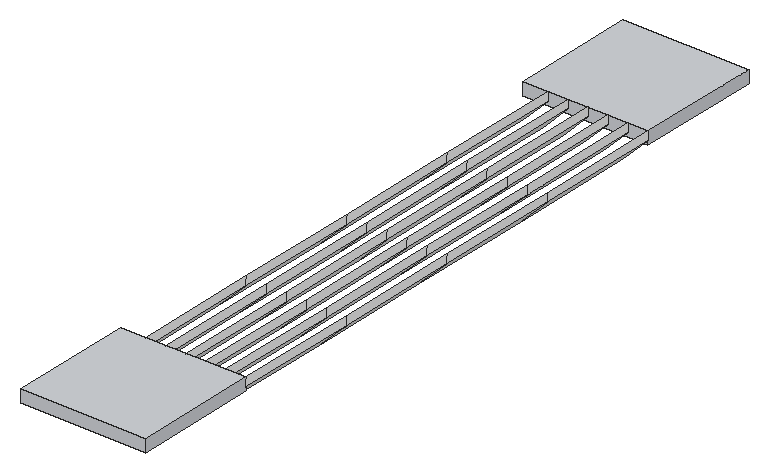
Revit family
Parameters
  폭 [instance] = 200 mm
  깊이 [instance] = 1200 mm
  Assembly Code = ""
Reference planes
  plane 1 "중심(앞/뒤)": y = 0
  plane 2: z = 0
  plane 3 "중심(왼쪽/오른쪽)": x = 0
  plane 4: z = -150
  plane 5: z = -80
  plane 6: z = -200
  plane 7: z = -300
Lines and regions (mm)
  Opening 1
    outline origin (2000, 1989.233, 0) x (0, 1, 0) y (-1, 0, 0)
      loop
        line (-2600, 2100) -> (-2600, 1900) -> (-1400, 1900) -> (-1400, 2100) -> (-2600, 2100)
Dimensions and locks
  level to plane 5 = 80 mm
  plane 5 to plane 6 = 120 mm
  aligned and locked: host floor to nested 1  (x2)
  aligned and locked: nested 1 to host floor
  aligned and locked: level to nested 1
Nested families
  nested 1: "코일top" at (0, -410.767, -20) x (0, 1, 0) z (0, 0, 1), type "코일top"
Definition of nested family "코일top"
  Reference planes
    plane 1 "중심(앞/뒤)": y = 0
    plane 2: z = 0
    plane 3 "중심(왼쪽/오른쪽)": x = 0
    plane 4: x = 200
    plane 5: x = 400
    plane 6: x = 600
    plane 7: x = 800
    plane 8: x = 1000
    plane 9: x = -200
    plane 10: y = 100
    plane 11: y = -100
  Forms (mm)
    Extrusion 1, solid
      sketch origin (0, 0, 0) x (1, 0, 0) y (0, 1, 0)
        loop
          line (-200, -100) -> (0, -100) -> (0, 100) -> (-200, 100) -> (-200, -100)
        loop
          line (800, -100) -> (1000, -100) -> (1000, 100) -> (800, 100) -> (800, -100)
      from 0 to 20
  Dimensions and locks
    equal spacing: plane 9, plane 3 "중심(왼쪽/오른쪽)", plane 4, plane 5, plane 6, plane 7, plane 8
    plane 11 to plane 10 = 200 mm
    equal spacing: group 1, group 3, group 4, group 5, group 6, group 2  (x3)
    equal spacing: group 9, group 11, group 12, group 13, group 14, group 10  (x3)
    equal spacing: group 16, group 18, group 19, group 20, group 21, group 17  (x3)
    equal spacing: group 23, group 25, group 26, group 27, group 28, group 24  (x3)
    equal spacing: group 30, group 32, group 33, group 34, group 35, group 31  (x3)
    aligned and locked: plane 9 to Extrusion 1 sketch curve
    aligned and locked: plane 11 to Extrusion 1 sketch curve
    aligned and locked: plane 10 to Extrusion 1 sketch curve
    aligned and locked: plane 3 "중심(왼쪽/오른쪽)" to Extrusion 1 sketch curve
    aligned and locked: plane 7 to Extrusion 1 sketch curve
    aligned and locked: plane 8 to Extrusion 1 sketch curve
    aligned and locked: Extrusion 1 to plane 10
  Automatic sketch dimensions
    Extrusion 1 sketch curve to plane 11 = 0 mm
    Extrusion 1 sketch curve to plane 10 = 0 mm
  Nested families
    nested 1: "Plain Louvre Blade" at (72.831, -79.537, 0), type "Louvre Blade"
    nested 2: "Plain Louvre Blade" at (72.831, 80.463, 0), type "Louvre Blade"
    nested 3: "Plain Louvre Blade" at (72.831, -47.537, 0), type "Louvre Blade"
    nested 4: "Plain Louvre Blade" at (72.831, -15.537, 0), type "Louvre Blade"
    nested 5: "Plain Louvre Blade" at (72.831, 16.463, 0), type "Louvre Blade"
    nested 6: "Plain Louvre Blade" at (72.831, 48.463, 0), type "Louvre Blade"
    nested 7: "Plain Louvre Blade" at (72.831, -79.537, 0), type "Louvre Blade", not visible
    nested 8: "Plain Louvre Blade" at (72.831, -79.537, 0), type "Louvre Blade", not visible
    nested 9: "Plain Louvre Blade" at (72.831, 80.463, 0), type "Louvre Blade", not visible
    nested 10: "Plain Louvre Blade" at (72.831, -47.537, 0), type "Louvre Blade", not visible
    nested 11: "Plain Louvre Blade" at (72.831, -15.537, 0), type "Louvre Blade", not visible
    nested 12: "Plain Louvre Blade" at (72.831, 16.463, 0), type "Louvre Blade", not visible
    nested 13: "Plain Louvre Blade" at (72.831, 48.463, 0), type "Louvre Blade", not visible
    nested 14: "Plain Louvre Blade" at (272.831, -79.537, 0), type "Louvre Blade"
    nested 15: "Plain Louvre Blade" at (272.831, 80.463, 0), type "Louvre Blade"
    nested 16: "Plain Louvre Blade" at (272.831, -47.537, 0), type "Louvre Blade"
    nested 17: "Plain Louvre Blade" at (272.831, -15.537, 0), type "Louvre Blade"
    nested 18: "Plain Louvre Blade" at (272.831, 16.463, 0), type "Louvre Blade"
    nested 19: "Plain Louvre Blade" at (272.831, 48.463, 0), type "Louvre Blade"
    nested 20: "Plain Louvre Blade" at (472.831, -79.537, 0), type "Louvre Blade"
    nested 21: "Plain Louvre Blade" at (472.831, 80.463, 0), type "Louvre Blade"
    nested 22: "Plain Louvre Blade" at (472.831, -47.537, 0), type "Louvre Blade"
    nested 23: "Plain Louvre Blade" at (472.831, -15.537, 0), type "Louvre Blade"
    nested 24: "Plain Louvre Blade" at (472.831, 16.463, 0), type "Louvre Blade"
    nested 25: "Plain Louvre Blade" at (472.831, 48.463, 0), type "Louvre Blade"
    nested 26: "Plain Louvre Blade" at (672.831, -79.537, 0), type "Louvre Blade"
    nested 27: "Plain Louvre Blade" at (672.831, 80.463, 0), type "Louvre Blade"
    nested 28: "Plain Louvre Blade" at (672.831, -47.537, 0), type "Louvre Blade"
    nested 29: "Plain Louvre Blade" at (672.831, -15.537, 0), type "Louvre Blade"
    nested 30: "Plain Louvre Blade" at (672.831, 16.463, 0), type "Louvre Blade"
    nested 31: "Plain Louvre Blade" at (672.831, 48.463, 0), type "Louvre Blade"
  Definition of nested family "Plain Louvre Blade"
    Parameters (values of type "Louvre Blade")
      두께 [instance] = 10 mm
      Material Blade = Window Louvres
      Length = 200 mm
      Blade Width = 40 mm
      Assembly Code = ""
    Reference planes
      plane 1 "Center (Front/Back)": y = -0.463
      plane 2: z = 0
      plane 3 "Center (Left/Right)": x = 27.169
      plane 4: x = -72.831
      plane 5: x = 127.169
      plane 6: y = -20.463
      plane 7: y = 19.537
      plane 8: z = 20
      plane 9: z = -20
    Forms (mm)
      Extrusion 1, solid, material "Window Louvres" <- "Material Blade"
        sketch origin (27.169, 0, 0) x (0, 1, 0) y (0, 0, 1)
          loop
            line (-20.463, 20) -> (-20.463, 5.858) -> (19.537, -34.142) -> (19.537, -20) -> (-20.463, 20)
        from -100 to 100
    Dimensions and locks
      equal spacing: plane 4, plane 3 "Center (Left/Right)", plane 5
      "Length": plane 4 to plane 5
      equal spacing: plane 6, plane 1 "Center (Front/Back)", plane 7
      "Blade Width": plane 6 to plane 7
      "Blade Width": plane 9 to plane 8
      equal spacing: plane 9, plane 2, plane 8
      "두께": Extrusion 1 sketch curve to Extrusion 1 sketch curve
      aligned and locked: Extrusion 1 to plane 5
      aligned and locked: plane 4 to Extrusion 1
      aligned and locked: plane 6 to Extrusion 1 sketch curve
    Automatic sketch dimensions
      Extrusion 1 sketch curve to plane 7 = 0 mm
      Extrusion 1 sketch curve to plane 9 = 0 mm
      Extrusion 1 sketch curve to plane 8 = 0 mm
